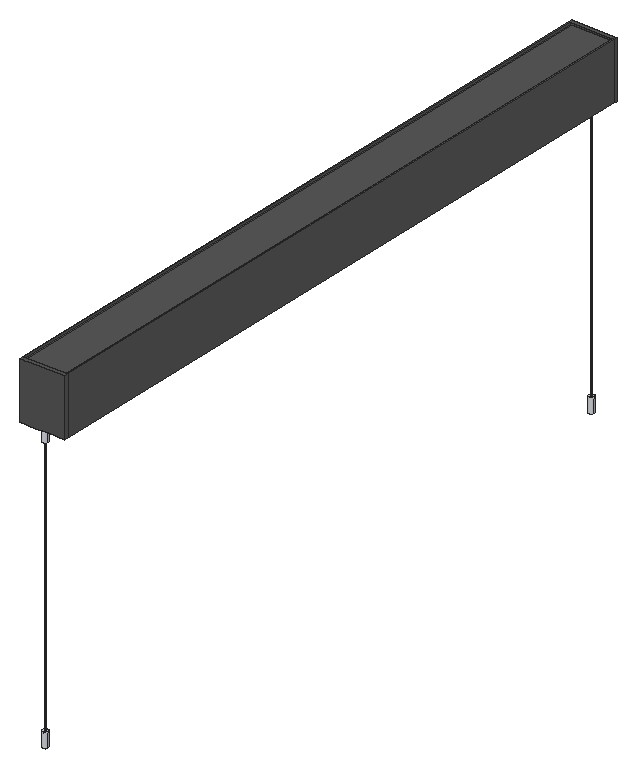
Revit family "EOS3.0-P-DI", category Lighting Fixtures, host Face, Revit 2018
Family settings
  Host = Face
  Round Connector Dimension = Use Diameter
  Part Type = Normal
  Cut with Voids When Loaded = No
  Light Source = Yes
  Shared = Yes
  Room Calculation Point = Yes
Parameters (values of type "4' Direct/ Indirect")
  Wattage = 35.2941 W
  built-in parameter 1150110 = 1 (stored number, unit not read)
  Voltage = 0 V
  built-in parameter 1114217 = 1 (stored number, unit not read)
  Tilt Angle = 90.00°
  built-in parameter 1150109 = 1 (stored number, unit not read)
  built-in parameter 1150134 = 12
  Switch Leg Visibility = no
  Switch Leg [instance] = ""
  Suspension Length [instance] = 2' - 0"
  built-in parameter 1150113 = 1 (stored number, unit not read)
  Photometric Web File = "EOS3.0-P-DI_375_375_4_40K_8.ies"
  Material [instance] = LUX ILLUMINAIRE Black
  built-in parameter 1150105 = 238.73 (stored number, unit not read)
  Lumens = 3000 lm
  built-in parameter 1150115 = 1 (stored number, unit not read)
  built-in parameter 1150137 = (empty or 0)
  built-in parameter 1150139 = (empty or 0)
  built-in parameter 1150112 = 1 (stored number, unit not read)
  built-in parameter 1150114 = 1 (stored number, unit not read)
  Lamp = "LED"
  built-in parameter 1150132 = 2
  built-in parameter 1150102 = (empty or 0)
  built-in parameter 1150107 = 4000 (stored number, unit not read)
  built-in parameter 1150138 = (empty or 0)
  built-in parameter 1150106 = 2.3873 (stored number, unit not read)
  Fixture Width = 0' - 3 19/128"  # constant formula
  Fixture Symbol Visiblity = yes
  Fixture Length = 4' - 0"
  Emit from Rectangle Width = Fixture Width - 0' 0 1/4"  # 0' - 2 115/128"
  Emit from Rectangle Length = Fixture Length  # 4' - 0"
  Emit Shape Visible in Rendering = yes
  Emergency Lighting [instance] = no
  built-in parameter 1150104 = 7.8968 (stored number, unit not read)
  Dimming Lamp Color Temperature Shift = <None>
  Default Elevation = 4' - 0"
  Color Filter = 16777215
  built-in parameter 1140040 [instance] = 1
  built-in parameter 1114218 = 1 (stored number, unit not read)
  built-in parameter 1150133 = 10 (stored number, unit not read)
  Apparent Load = 24 VA
Types (6): name | Wattage | built-in parameter 1150105 | Lumens | built-in parameter 1150106 | Fixture Length | Emit from Rectangle Length | Apparent Load
  3' Direct/ Indirect | 26.4706 W | 179.05 (stored number, unit not read) | 2250 lm | 1.7905 (stored number, unit not read) | 3' - 0" | 3' - 0" | 18 VA
  4' Direct/ Indirect | 35.2941 W | 238.73 (stored number, unit not read) | 3000 lm | 2.3873 (stored number, unit not read) | 4' - 0" | 4' - 0" | 24 VA
  5' Direct/ Indirect | 44.1176 W | 298.42 (stored number, unit not read) | 3750 lm | 2.9842 (stored number, unit not read) | 5' - 0" | 5' - 0" | 30 VA
  6' Direct/ Indirect | 52.9412 W | 358.1 (stored number, unit not read) | 4500 lm | 3.581 (stored number, unit not read) | 6' - 0" | 6' - 0" | 36 VA
  7' Direct/ Indirect | 61.7647 W | 417.78 (stored number, unit not read) | 5250 lm | 4.1778 (stored number, unit not read) | 7' - 0" | 7' - 0" | 42 VA
  8' Direct/ Indirect | 70.5882 W | 477.46 (stored number, unit not read) | 6000 lm | 4.7746 (stored number, unit not read) | 8' - 0" | 8' - 0" | 48 VA
Reference planes (in)
  plane 1 "Center (Front/Back)": y = 0
  plane 2: z = 0
  plane 3 "Center (Left/Right)": x = 0
  plane 4: x = 1.57422
  plane 5: x = -1.57422
  plane 6: y = 24
  plane 7: y = -24
  plane 8: z = 24
  plane 9: y = 24.25
  plane 10: y = -24.25
  plane 11: z = 1
  plane 12: z = 20
  plane 13: z = 19.25
Forms (in)
  Extrusion 1, solid, material "LUX ILLUMINAIRE Black" <- "Material"
    sketch origin (0, 0, 0) x (1, 0, 0) y (0, 0, 1)
      loop
        line (-1.57447, 19.9985) -> (-0.437, 19.9985) -> (0.438, 19.9985) -> (1.57548, 19.9985) -> (1.57548, 24) -> (1.49049, 24) -> (1.49049, 23.887) -> (1.3385, 23.90497) -> (-1.33792, 23.90497) -> (-1.48948, 23.887) -> (-1.48948, 24) -> (-1.57447, 24) -> (-1.57447, 19.9985)
    from -24 to 24
  Extrusion 2, solid, material "LUX ILLUMINAIRE Black" <- "Material"
    sketch origin (0, 0, 0) x (1, 0, 0) y (0, 0, 1)
      loop
        line (-1.57447, 24) -> (-1.57447, 19.9985) -> (-0.437, 19.9985) -> (0.438, 19.9985) -> (1.57548, 19.9985) -> (1.57548, 24) -> (-1.57447, 24)
    from 24 to 24.25
  Extrusion 3, solid
    sketch origin (0, 0, 0) x (1, 0, 0) y (0, 1, 0)
      loop
        circle (0.00029, -24) r 0.1875
    from 0 to 1
  Extrusion 4, solid
    sketch origin (0, 0, 0) x (1, 0, 0) y (0, 1, 0)
      loop
        circle (0.0005, -24) r 0.03125
    from 1 to 19.25
  Extrusion 5, solid
    sketch origin (0, 0, 0) x (1, 0, 0) y (0, 1, 0)
      loop
        circle (0.0005, -24) r 0.18729
    from 19.25 to 20
  Extrusion 6, solid, not visible
    sketch origin (0, 0, 0) x (1, 0, 0) y (0, 1, 0)
      loop
        circle (0.00029, -24) r 0.1875
    from 0 to 1
  Extrusion 7, solid, not visible
    sketch origin (0, 0, 0) x (1, 0, 0) y (0, 1, 0)
      loop
        circle (0.0005, -24) r 0.03125
    from 1 to 13.33203
  Extrusion 8, solid, not visible
    sketch origin (0, 0, 0) x (1, 0, 0) y (0, 1, 0)
      loop
        circle (0.0005, -24) r 0.18729
    from 13.33203 to 14.08203
  Extrusion 9, solid, material "LUX ILLUMINAIRE Black" <- "Material"
    sketch origin (0.00056, 24, 0) x (1, 0, 0) y (0, 0, -1)
      loop
        line (-1.57478, -24) -> (1.57366, -24) -> (1.57366, -19.9985) -> (0.438, -19.9985) -> (-0.437, -19.9985) -> (-1.57478, -19.9985) -> (-1.57478, -24)
    from 0 to 0.25
  Extrusion 10, solid
    sketch origin (0, 0, 0) x (1, 0, 0) y (0, 1, 0)
      loop
        circle (0.00029, 24) r 0.1875
    from 0 to 1
  Extrusion 11, solid
    sketch origin (0, 0, 0) x (1, 0, 0) y (0, 1, 0)
      loop
        circle (0.0005, 24) r 0.03125
    from 1 to 19.25
  Extrusion 12, solid
    sketch origin (0, 0, 0) x (1, 0, 0) y (0, 1, 0)
      loop
        circle (0.0005, 24) r 0.18729
    from 19.25 to 20
Lines and regions (in)
  symbolic lines, visible <- "Fixture Symbol Visiblity"
    curve 1: line (-1.57422, 24, 0) -> (1.57422, 24, 0)
    curve 2: line (-1.57422, -24, 0) -> (-1.57422, 24, 0)
    curve 3: line (1.57422, -24, 0) -> (-1.57422, -24, 0)
    curve 4: line (1.57422, 24, 0) -> (1.57422, -24, 0)
Dimensions and locks (in)
  plane 5 to plane 4 = 0' - 3 19/128"
  equal spacing: plane 7, plane 1 "Center (Front/Back)", plane 6
  "Fixture Length": plane 7 to plane 6
  plane 8 to host face = 2' - 0"
  locked: plane 6 to plane 9 at 0.25
  locked: plane 10 to plane 7 at 0.25
  "Suspension Length": plane 8 to level
  "Fixture Width": plane 4 to plane 5
  equal spacing: plane 4, plane 3 "Center (Left/Right)", plane 5
  locked: nested 2 to plane 10 at 9.5
  locked: nested 3 to Extrusion 1 at 0.09086
  plane 8 to plane 12 to plane 13 = 0' - 4" locked, 0' - 0 3/4" locked
  locked: plane 8 to imposter light at 0.05558
  aligned and locked: plane 2 to host face
  aligned and locked: level to host face
  aligned and locked: Extrusion 9 to plane 5
  aligned and locked: plane 4 to Extrusion 9
  aligned and locked: plane 6 to Extrusion 9
  aligned and locked: Extrusion 1 to plane 6
  aligned and locked: plane 10 to Extrusion 2
  aligned and locked: Extrusion 2 to plane 7
  aligned and locked: plane 7 to Extrusion 1
  aligned and locked: Extrusion 9 to plane 9
  aligned and locked: plane 12 to Extrusion 12
  aligned and locked: Extrusion 12 to plane 13
  aligned and locked: plane 13 to Extrusion 11
  aligned and locked: plane 12 to Extrusion 5
  aligned and locked: Extrusion 5 to plane 13
  aligned and locked: plane 13 to Extrusion 4
  aligned and locked: plane 7 to nested 1
  aligned and locked: plane 6 to curve 1
  aligned and locked: plane 5 to curve 2
  aligned and locked: curve 3 to plane 7
  aligned and locked: curve 4 to plane 4
  aligned and locked: nested 1 to plane 6
  aligned and locked: plane 8 to Extrusion 9
  aligned and locked: plane 8 to Extrusion 2
Automatic sketch dimensions
  host sketch curve to host sketch curve = 8' - 0"  (x2)
  Extrusion 1 sketch curve to plane 5 = 0' - 0.00025"
  plane 5 to Extrusion 1 sketch curve = 0' - 0.08474"  (x2)
  Extrusion 1 sketch curve to plane 8 = 0' - 0.113"  (x2)
  Extrusion 1 sketch curve to plane 8 = 0' - 0.09503"  (x2)
  Extrusion 1 sketch curve to Extrusion 1 sketch curve = 0' - 0.15157"
  Extrusion 1 sketch curve to plane 12 = 0' - 0.0015"
  Extrusion 1 sketch curve to plane 3 "Center (Left/Right)" = 0' - 0.437"
  plane 3 "Center (Left/Right)" to Extrusion 1 sketch curve = 0' - 0.438"
  Extrusion 1 sketch curve to plane 4 = 0' - 0.23572"
  Extrusion 1 sketch curve to plane 4 = 0' - 0.08373"  (x2)
  plane 4 to Extrusion 1 sketch curve = 0' - 0.00126"
  plane 8 to Extrusion 1 sketch curve = 0' - 0"  (x2)
  Extrusion 1 sketch curve to Extrusion 1 sketch curve = 0' - 0"  (x2)
  Extrusion 2 sketch curve to plane 5 = 0' - 0.00025"
  Extrusion 2 sketch curve to plane 12 = 0' - 0.0015"
  Extrusion 2 sketch curve to plane 3 "Center (Left/Right)" = 0' - 0.437"
  plane 3 "Center (Left/Right)" to Extrusion 2 sketch curve = 0' - 0.438"
  plane 4 to Extrusion 2 sketch curve = 0' - 0.00126"
  plane 8 to Extrusion 2 sketch curve = 0' - 0"
  plane 5 to Extrusion 9 sketch curve = 0' - 0"
  Extrusion 9 sketch curve to plane 12 = 0' - 0.0015"
  Extrusion 9 sketch curve to plane 3 "Center (Left/Right)" = 0' - 0.43644"
  plane 3 "Center (Left/Right)" to Extrusion 9 sketch curve = 0' - 0.43856"
  plane 4 to Extrusion 9 sketch curve = 0' - 0"
  plane 8 to Extrusion 9 sketch curve = 0' - 0"
  plane 7 to Extrusion 3 sketch curve = 0' - 0"
  plane 3 "Center (Left/Right)" to Extrusion 3 sketch curve = 0' - 0.00029"
  plane 7 to Extrusion 4 sketch curve = 0' - 0"
  plane 3 "Center (Left/Right)" to Extrusion 4 sketch curve = 0' - 0.0005"
  plane 7 to Extrusion 5 sketch curve = 0' - 0"
  plane 3 "Center (Left/Right)" to Extrusion 5 sketch curve = 0' - 0.0005"
  plane 6 to Extrusion 10 sketch curve = 0' - 0"
  plane 3 "Center (Left/Right)" to Extrusion 10 sketch curve = 0' - 0.00029"
  plane 6 to Extrusion 11 sketch curve = 0' - 0"
  plane 3 "Center (Left/Right)" to Extrusion 11 sketch curve = 0' - 0.0005"
  plane 6 to Extrusion 12 sketch curve = 0' - 0"
  plane 3 "Center (Left/Right)" to Extrusion 12 sketch curve = 0' - 0.0005"
  radius of Extrusion 3 sketch curve = 0' - 0 3/16"
  radius of Extrusion 4 sketch curve = 0' - 0 1/32"
  radius of Extrusion 5 sketch curve = 0' - 0.18729"
  radius of Extrusion 6 sketch curve = 0' - 0 3/16"
  radius of Extrusion 7 sketch curve = 0' - 0 1/32"
  radius of Extrusion 8 sketch curve = 0' - 0.18729"
  radius of Extrusion 10 sketch curve = 0' - 0 3/16"
  radius of Extrusion 11 sketch curve = 0' - 0 1/32"
  radius of Extrusion 12 sketch curve = 0' - 0.18729"
Nested families (in)
  nested 1: "Emergency Symbol Rectangle" at (-10.88584, 0, 0) x (0, 1, 0) z (0, 0, 1), visible <- "Emergency Lighting", type "Emergency Symbol Rectangle"
    with Width 0' - 8.52168", Length 4' - 0"
  nested 2: "Switch Leg Annotation" at (9.99627, -14.75, 0) x (0, 1, 0) z (0, 0, 1), visible <- "Switch Leg Visibility", Switch Leg Annotation <- "Switch Leg", type "Switch Leg Annotation"
    with Switch Leg Annotation ""
  nested 3: "Indirect Light Source 2" at (-8.67032, 0.00882, -34.09236) x (0, 1, 0) z (0, 0, 1), type "Indirect Light Source 2"
Connectors (in)
  electrical at (0.00029, 24, 0), driven by "Apparent Load", driven by "Voltage"
    settings: on Extrusion 10, index 1, voltage 0 V, apparent load 0 VA, apparent load phase1 24 VA, apparent load phase2 0 VA, apparent load phase3 0 VA, power factor 1, load classification "Other", number of poles 1, system type 31, power factor state 1, is connector primary yes, connector utility no, sub classification motor no, connector description ""
Definition of nested family "Emergency Symbol Rectangle"
  Parameters (values of type "Emergency Symbol Rectangle")
    Width [instance] = 0' - 8 1/2"
    Length [instance] = 5' - 0"
    Emergency Visibility = no
  Reference planes (in)
    plane 1 "Center (Front/Back)": y = -7.75
    plane 2: z = 0
    plane 3 "Center (Left/Right)": x = -24
    plane 4: x = 24
    plane 5: x = -36
    plane 6: y = -3.5
    plane 7: y = -12
  Lines and regions (in)
    Filled region 1, type "Solid Fill - Black", in view "Ref. Level", detail levels coarse+medium
      outline origin (0, 0.25, 0) x (1, 0, 0) y (0, 1, 0)
        loop
          line (-36, -12.25) -> (24, -12.25) -> (-36, -10.125) -> (-36, -12.25)
  Dimensions and locks (in)
    equal spacing: plane 7, plane 1 "Center (Front/Back)", plane 6
    "Width": plane 7 to plane 6
    "Length": plane 5 to plane 4
    aligned and locked: plane 5 to Filled region 1
  Automatic sketch dimensions
    plane 1 "Center (Front/Back)" to Filled region 1 sketch curve = 0' - 2 1/8"
    Filled region 1 sketch curve to plane 3 "Center (Left/Right)" = 1' - 0"
    Filled region 1 sketch curve to plane 4 = 0' - 0"
    Filled region 1 sketch curve to plane 7 = 0' - 0"
Definition of nested family "Switch Leg Annotation"
  Parameters (values of type "Switch Leg Annotation")
    Switch Leg Annotation [instance] = ""
  Reference planes (in)
    plane 1: y = 0
    plane 2: x = 0
  Text (in)
    label "a" at (0.00527, 0.01239, 0), shows "Switch Leg Annotation"
Definition of nested family "Indirect Light Source 2"
  Parameters (values of type "Indirect Light Source 2")
    Wattage = 20 W
    built-in parameter 1150110 = 1 (stored number, unit not read)
    built-in parameter 1114217 = 1 (stored number, unit not read)
    built-in parameter 1150109 = 1 (stored number, unit not read)
    built-in parameter 1150134 = (empty or 0)
    built-in parameter 1150113 = 1 (stored number, unit not read)
    Lumens = 1700 lm
    built-in parameter 1150115 = 1 (stored number, unit not read)
    built-in parameter 1150105 = 541.13 (stored number, unit not read)
    Light Source Symbol Size = 2' - 0"
    built-in parameter 1150137 = (empty or 0)
    built-in parameter 1150139 = (empty or 0)
    built-in parameter 1150112 = 1 (stored number, unit not read)
    built-in parameter 1150114 = 1 (stored number, unit not read)
    built-in parameter 1150132 = (empty or 0)
    built-in parameter 1150102 = (empty or 0)
    built-in parameter 1150138 = (empty or 0)
    built-in parameter 1150107 = 3500 (stored number, unit not read)
    built-in parameter 1150106 = 5.4113 (stored number, unit not read)
    Emit from Rectangle Width = 0' - 2 115/128"
    Emit from Rectangle Length = 4' - 0"
    Emit Shape Visible in Rendering = yes
    built-in parameter 1150104 = 7.8968 (stored number, unit not read)
    Dimming Lamp Color Temperature Shift = (empty or 0)
    Color Filter = 16777215
    built-in parameter 1114218 = 1 (stored number, unit not read)
    built-in parameter 1150133 = 10 (stored number, unit not read)
  Reference planes (in)
    plane 1 "Light Source Axis (F/B)": y = -8.60801
    plane 2: z = 0
    plane 3 "Light Source Axis (L/R)": x = 0
    plane 4 "Light Source Elevation": z = 54
    plane 5: z = 0
  Lines and regions (in)
    model lines
      curve 1: line (-22, -8.60801, 54) -> (21, -8.60801, 54)
  Dimensions and locks (in)
    aligned and locked: plane 3 "Light Source Axis (L/R)" to imposter light
    aligned and locked: level to plane 5
